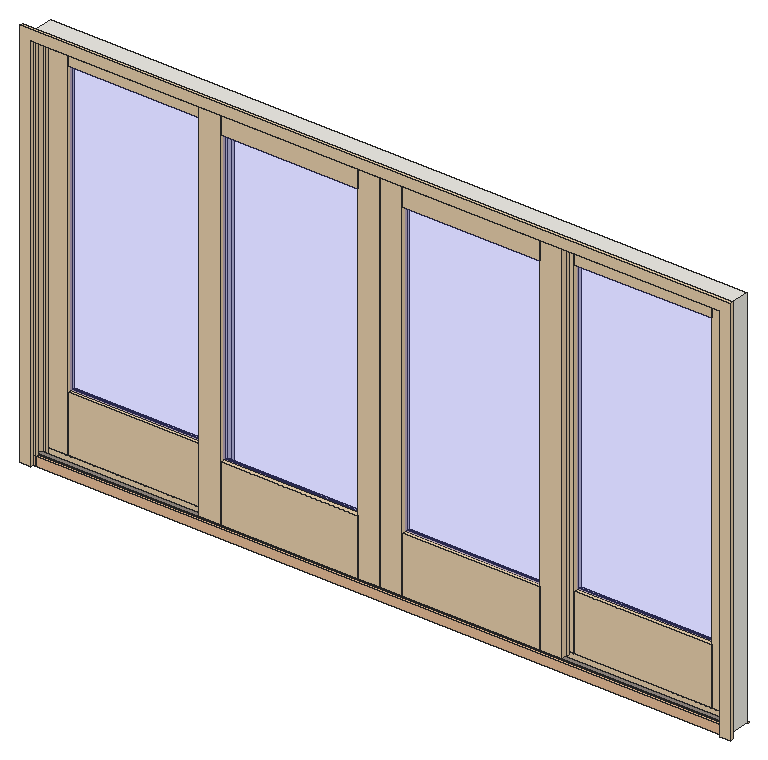
Revit family "Door-Gliding-Andersen-E_Series-Quad-no-Mullions", category Doors, host Wall, Revit 2019
Family settings
  Host = Wall
  OmniClass Number = 23.30.10.00
  OmniClass Title = Doors
  Always vertical = Yes
  Cut with Voids When Loaded = No
  Shared = No
  Room Calculation Point = No
Parameters (values of type "12'-4" x 6'-10"")
  Type Comments = "Aluminum-clad wood Gliding French Door"  # constant formula
  Rough Width = Width + (Rough Opening Offset * 2)  # 12' - 4 1/2"
  Rough Opening Offset = 0' - 0 1/4"
  Rough Height = if(1 > 0, Height + 0' 0 1/2", 0' 0")  # 6' - 10 1/2"
  Masonry Width = if(Enter Exterior Trim Number > 0, Width + ((casing4 + Masonry Opening Offset) * 2), Width + (Masonry Opening Offset * 2))  # 12' - 4 1/2"
  Masonry Opening Offset = 0' - 0 1/4"
  Masonry Height = if(Enter Exterior Trim Number > 0, Height + (casing4 + 0' 0 1/2"), Height + 0' 0 1/2")  # 6' - 10 1/2"
  Learn About These Parameters = "http://www.andersenwindows.com/for-professionals/cad-symbols-bim-support-window-doors/bim-support"
  LWide = if(or(Enter Pattern Number = 1, Enter Pattern Number = 2), . . Lights Wide, if(Enter Pattern Number = 6, . . .Lights Wide, 3))  # 3
  Grille Bar Sizes = "5/8'', 7/8'', 1 1/8'', 1 1/2'', 2 1/4''"  # constant formula
  Glazing Material = Glass ‐ Andersen - Low-E4 SmartSun
  Between Glass Grille Bar Sizes = "5/8'', 1''"  # constant formula
  Interior Trim Visibility = yes
  Grille Bar Size = 0' - 0 7/8"
  Enter Pattern Number = 1
  Analytic Construction = "<None>"
  ..Pattern Number 1 = "Traditional"  # constant formula
  ..Pattern Number 2 = "Traditional Top Light Only"  # constant formula
  . . Lights Wide = 3
  . . Top Light Lights High = 5
  . . Bottom Light Lights High = 1
  ..Pattern Number 3 = "Prairie Each Light"  # constant formula
  ..Pattern Number 4 = "Prairie Top Light Only"  # constant formula
  ..Pattern Number 5 = "Prairie Overall"  # constant formula
  ..Pattern Number 6 = "Craftsman"  # constant formula
  . . .Lights Wide = 3
  Extension Jamb Visibility = yes
  . . .Lights High = 1
  . . .Bottom Bar Location = 1' - 0"
  . . .Bottom Bar Size = 0' - 0 7/8"
  Enter Exterior Trim Number = 0
  ..Exterior Trim Number 0 = "No Exterior Trim"  # constant formula
  ..Exterior Trim Number 1 = "2'' Brick Mould (A753)"  # constant formula
  ..Exterior Trim Number 2 = "2'' Ovolo Brick Mould (A754)"  # constant formula
  ..Exterior Trim Number 3 = "3 1/2'' Brick Mould (A755)"  # constant formula
  ..Exterior Trim Number 4 = "3 1/2'' Backband & Bead Casing (A756)"  # constant formula
  ..Exterior Trim Number 5 = "3 1/2'' Flat Casing (A75B)"  # constant formula
  ..Exterior Trim Number 6 = "5 1/2'' Flat Casing (A758)"  # constant formula
  Interior Grille Bar Visibility = no
  Exterior Grille Bar Visibility = no
  Between Glass Grille Bar Visibility = no
  xjamb Visibility [instance] = and(Extension Jamb Visibility, Wall Depth > 0' 4 9/16")  # no
  xjamb S1 [instance] = if(Wall Depth < 0' 4 5/8", 0' 0 1/16", 0' 0")  # 0' - 0 1/16"
  casingS2 = if(Enter Exterior Trim Number = 3, 0' 0 7/8", 0' 0 3/8")  # 0' - 0 3/8"
  casingS1 = if(Enter Exterior Trim Number = 1, 0' 0 5/8", if(or(Enter Exterior Trim Number = 2, Enter Exterior Trim Number = 3), 0' 1 1/2", 0' 0 3/8"))  # 0' - 0 3/8"
  casing4 = if(or(Enter Exterior Trim Number = 1, Enter Exterior Trim Number = 2), 0' 1 5/8", if(Enter Exterior Trim Number = 6, 0' 5 1/8", 0' 3 1/8"))  # 0' - 3 1/8"
  casing3 = if(Enter Exterior Trim Number = 1, 0' 0 3/8", if(Enter Exterior Trim Number = 2, 0' 0 5/16", 0' 0 9/16"))  # 0' - 0 9/16"
  casing2 = if(Enter Exterior Trim Number = 1, 0' 0 7/8", if(Enter Exterior Trim Number = 2, 0' 1 9/16", 0' 1 7/16"))  # 0' - 1 7/16"
  casing1 = 0' - 0 1/4"  # constant formula
  Wall Thickness [instance] = 0' - 8"
  Wall Depth [instance] = 0' - 4 9/16"
  Void Offset 1 [instance] = if(Enter Exterior Trim Number > 0, casing4, 0' 0")  # 0' - 0"
  Void Depth [instance] = if(Wall Thickness > Wall Depth, 0' 1" + Wall Thickness - Wall Depth, 0' 1")  # 0' - 4 7/16"
  VGB DLO = if(or(Enter Pattern Number = 3, or(Enter Pattern Number = 4, Enter Pattern Number = 5)), 0' 4", (H DLO - (Grille Bar Size * (V Bars))) / if(LWide > 2, LWide, 3))  # 3' - 8 3/4"
  V Bars = if(LWide > 2, LWide - 1, 2)  # 2
  URL = "www.eaglewindow.com"
  TS V DLO = Height - HGO - SGO  # 5' - 10"
  TS V Bar Length = if(Enter Pattern Number = 6, . . .Bottom Bar Location - HGO - (. . .Bottom Bar Size / 2), TS V DLO)  # 5' - 10"
  TS SH DLO = if(Enter Pattern Number = 5, HGO + 0' 4" + (Grille Bar Size / 2), if(Enter Pattern Number = 6, . . .Bottom Bar Location, (TS V DLO / 2) + HGO))  # 3' - 5"
  TS S V = LWide = 2  # no
  TS S H Craftsman = and(Enter Pattern Number = 6, . . .Lights High = 2)  # no
  TS S H = and(. . Top Light Lights High = 2, or(or(or(Enter Pattern Number = 5, Enter Pattern Number = 6), Enter Pattern Number = 1), Enter Pattern Number = 2))  # no
  TS M V = or(or(or(or(or(and(LWide > 2, Enter Pattern Number = 1), and(LWide > 2, Enter Pattern Number = 2)), Enter Pattern Number = 3), Enter Pattern Number = 4), Enter Pattern Number = 5), and(LWide > 2, Enter Pattern Number = 6))  # yes
  TS M H = or(or(or(and(. . Top Light Lights High > 2, Enter Pattern Number = 1), and(. . Top Light Lights High > 2, Enter Pattern Number = 2), Enter Pattern Number = 3), Enter Pattern Number = 4), and(. . .Lights High > 2, Enter Pattern Number = 6))  # yes
  TS HGB DLO = if(or(Enter Pattern Number = 3, Enter Pattern Number = 4), 0' 4", if(and(Enter Pattern Number = 6, . . .Lights High > 2), (TS V Bar Length - (Grille Bar Size * (. . .Lights High - 1))) / . . .Lights High, if(. . Top Light Lights High > 2, (TS V Bar Length - (Grille Bar Size * (. . Top Light Lights High - 1))) / . . Top Light Lights High, 0' 4")))  # 1' - 1.3"
  TS H Bars = if(or(Enter Pattern Number = 3, Enter Pattern Number = 4), 2, if(and(Enter Pattern Number = 6, . . .Lights High > 2), . . .Lights High - 1, if(. . Top Light Lights High > 2, . . Top Light Lights High - 1, 2)))  # 4
  Sill Interior Offset [instance] = 0' - 0 5/128"  # constant formula
  Sill Height [instance] = 0' - 1 7/8"  # constant formula
  Panel Bottom Inset [instance] = 0' - 2 5/32"  # constant formula
  Sill Depth [instance] = 0' - 6 1/16"  # constant formula
  SGO = 0' - 6"  # constant formula
  Product Documentation Link = "www.eaglewindow.com/_Products/Ascent-Sliding-French-Doors.aspx"
  Panel Width = ((Width / 4) - 0' 1 3/4") + 0' 3 3/8"  # 3' - 2 5/8"
  Panel Type [instance] = Gliding_Panel : SP2
  Panel Height [instance] = CTRL Height - 0' 0 31/32" - Panel Bottom Inset  # 6' - 6 7/8"
  Nail Fin Visibility = Enter Exterior Trim Number = 0  # yes
  Model = "E-Series Gliding"  # constant formula
  Manufacturer = "Andersen Corporation"  # constant formula
  JGO = 0' - 6"  # constant formula
  Is Gliding = 1 = 1  # yes
  Interior Trim Size = 0' - 2 1/4"
  Interior Material = Wood - Andersen - Pine
  Horizontal Craftsman Bar Size = if(Enter Pattern Number = 6, . . .Bottom Bar Size, Grille Bar Size)  # 0' - 0 7/8"
  HGO = 0' - 6"  # constant formula
  H DLO = Width - (JGO * 2)  # 11' - 4"
  Function = Exterior
  Height = 6' - 10"
  Wall Closure = By host
  Width = 12' - 4"
  Frame Interior Inset [instance] = 0' - 0"  # constant formula
  Frame Depth [instance] = 0' - 5 29/32"  # constant formula
  Family Version = "06.01.14"  # constant formula
  Exterior Trim Finish = Aluminum - Andersen - Painted - White
  Exterior Panel Finish = Aluminum - Andersen - Painted - White
  Exterior Grille Bar Finish = Aluminum - Andersen - Painted - White
  Exterior Frame Finish = Aluminum - Andersen - Painted - White
  Designation = "4PGP120610"
  Description = "Aluminum-clad wood Gliding French Door"  # constant formula
  Coarse Plan [instance] = if(Wall Depth > Wall Thickness, Wall Thickness, Wall Depth)  # 0' - 4 9/16"
  Casing Visibility [instance] = Enter Exterior Trim Number > 0  # no
  CTRL Height [instance] = Height  # 6' - 10"
  Between Glass Grille Bar Finish = Stainless Steel - Andersen - Standard
  BS V DLO = Height - HGO - SGO  # 5' - 10"
  BS SH DLO = if(Enter Pattern Number = 5, SGO + 0' 4" + (Grille Bar Size / 2), (BS V DLO / 2) + SGO)  # 3' - 5"
  BS S V = and(LWide = 2, Enter Pattern Number = 1)  # no
  BS S H = or(and(. . Bottom Light Lights High = 2, Enter Pattern Number = 1), Enter Pattern Number = 5)  # no
  BS M V = or(or(and(LWide > 2, Enter Pattern Number = 1), Enter Pattern Number = 3), Enter Pattern Number = 5)  # yes
  BS M H = or(and(. . Bottom Light Lights High > 2, Enter Pattern Number = 1), Enter Pattern Number = 3)  # no
  BS HGB DLO = if(. . Bottom Light Lights High > 2, if(Enter Pattern Number = 3, 0' 4", (BS V DLO - (Grille Bar Size * (. . Bottom Light Lights High - 1))) / . . Bottom Light Lights High), 0' 2")  # 0' - 2"
  BS H Bars = if(. . Bottom Light Lights High > 2, . . Bottom Light Lights High - 1, 2)  # 2
Reference planes (in)
  plane 1 "Center (Front/Back)": y = 0
  plane 2 "Center (Left/Right)": x = 0
  plane 3 "R Frame": x = -74
  plane 4 "L Frame": x = 74
  plane 5 "T Frame": z = 82
  plane 6 "Wall S1": y = 3.71875
  plane 7 "Wall S2": y = -4.28125
  plane 8 "Interior Casing": y = -4.90625
  plane 9 "Frame S2": y = -4.28125
  plane 10 "Flange": y = 0.28125
  plane 11 "Frame S1": y = 1.625
  plane 12 "Casing S2": y = 2
  plane 13 "Casing S1": y = 2
  plane 14 "Exterior Offset": y = 4.71875
  plane 15 "Coarse Detail Plan": y = 1.5625
  plane 16 "R Rough Opening": x = -74.25
  plane 17 "R Casing 1": x = -73.75
  plane 18 "R Casing 2": x = -75.6875
  plane 19 "R Casing 3": x = -76.5625
  plane 20 "R Casing 4": x = -77.125
  plane 21 "R Masonry Opening": x = -74.25
  plane 22 "L Masonry Opening": x = 74.25
  plane 23 "L Casing 4": x = 77.125
  plane 24 "L Casing 3": x = 76.5625
  plane 25 "L Casing 2": x = 75.6875
  plane 26 "L Casing 1": x = 73.75
  plane 27 "L Rough Opening": x = 74.25
  plane 28 "T Rough Opening": z = 82.5
  plane 29 "T Casing 1": z = 81.75
  plane 30 "T Casing 2": z = 83.6875
  plane 31 "T Casing 3": z = 84.5625
  plane 32 "T Casing 4": z = 85.125
  plane 33 "T Masonry Opening": z = 82.5
  plane 34 "R Int Casing": x = -75.5
  plane 35 "R Xjamb 2": x = -73.875
  plane 36 "R Xjamb 1": x = -73.25
  plane 37 "L Int Casing": x = 75.5
  plane 38 "L Xjamb 2": x = 73.875
  plane 39 "L Xjamb 1": x = 73.25
  plane 40 "T Int Casing": z = 83.25
  plane 41 "T Xjamb 2": z = 81.875
  plane 42 "T Xjamb 1": z = 81
  plane 43 "L Panel": x = 73.1872
  plane 44 "R Panel": x = -73.1875
  plane 45 "T Panel": z = 81.0312
  plane 46 "B Panel": z = 2.1562
  plane 47 "B Glazing": z = 10.1562
  plane 48 "T Glazing": z = 76.3437
  plane 49 "L Glazing": x = 68.4997
  plane 50 "R Glazing": x = -68.5
  plane 51 "Panel1 S1": y = -1.88625
  plane 52 "Panel1 S2": y = -3.63625
  plane 53 "Xjamb S1": y = -4.21875
  plane 54 "Frame S2 Ext": y = 1.625
  plane 55 "Stop Exterior": y = -1.20413
  plane 56 "Stop Interior": y = -1.71975
  plane 57 "Sill Interior": y = -4.32031
  plane 58 "Sill Exterior": y = 1.74219
  plane 59 "L Stop": x = 72.5
  plane 60 "R Stop": x = -72.5
  plane 61 "T Stop": z = 80.5
  plane 62 "Sill Height": z = 1.875
  plane 63 "Panel2 S1": y = 0.625
  plane 64 "Panel2 S2": y = -1.1355
  plane 65 "R Panel Width": x = -34.5625
  plane 66 "L Panel Width": x = 34.5622
Forms (in)
  Extrusion 1, void
    sketch origin (0, 0, 0) x (1, 0, 0) y (0, 0, 1)
      loop
        line (74, 82) -> (-74, 82) -> (-74, 0) -> (74, 0) -> (74, 82)
    from -0.28125 to 4.28125
  Extrusion 2, void
    sketch origin (0, 0, 0) x (1, 0, 0) y (0, 0, 1)
      loop
        line (74, 82) -> (-74, 82) -> (-74, 0) -> (74, 0) -> (74, 82)
    from -15.71875 to -0.28125
  Sweep 3, solid, material "Aluminum - Andersen - Painted - White" <- "Exterior Trim Finish", visible <- "Casing Visibility", detail levels medium+fine
    path origin (0, 0.28125, 0) x (-1, 0, 0) y (0, 0, 1)
      loop
        line (-77.125, 0) -> (-77.125, 85.125) -> (77.125, 85.125) -> (77.125, 0)
    profile origin (77.125, 0.28125, 42.5625) x (1, 0, 0) y (0, 1, 0)
      loop
        line (-1.4375, 1.71875) -> (-3.375, 1.71875) -> (-3.375, 0) -> (0, 0) -> (0, 1.71875) -> (-0.5625, 1.71875) -> (-1.4375, 1.71875)
  Extrusion 4, solid, material "Aluminum - Andersen - Painted - White" <- "Exterior Trim Finish", visible <- "Casing Visibility", detail levels coarse
    sketch origin (0, 0.28125, 0) x (-1, 0, 0) y (0, 0, 1)
      loop
        line (-73.75, 81.75) -> (73.75, 81.75) -> (73.75, 0) -> (77.125, 0) -> (77.125, 85.125) -> (-77.125, 85.125) -> (-77.125, 0) -> (-73.75, 0) -> (-73.75, 81.75)
    from 0 to 1.71875
  Extrusion 5, solid, material "Wood - Andersen - Pine" <- "Interior Material", visible <- "Interior Trim Visibility", detail levels fine
    sketch origin (0, 0, 0) x (1, 0, 0) y (0, 0, 1)
      loop
        line (-73.25, 81) -> (73.25, 81) -> (73.25, 0) -> (75.5, 0) -> (75.5, 83.25) -> (-75.5, 83.25) -> (-75.5, 0) -> (-73.25, 0) -> (-73.25, 81)
    from 4.28125 to 4.90625
  Extrusion 6, solid, material "Wood - Andersen - Pine" <- "Interior Material", visible <- "xjamb Visibility", detail levels medium+fine
    sketch origin (0, 0, 0) x (1, 0, 0) y (0, 0, 1)
      loop
        line (-73.875, 0) -> (-73.25, 0) -> (-73.25, 81) -> (73.25, 81) -> (73.25, 0) -> (73.875, 0) -> (73.875, 81.875) -> (-73.875, 81.875) -> (-73.875, 0)
    from 4.21875 to 4.28125
  Sweep 7, solid, material "Aluminum - Andersen - Painted - White" <- "Exterior Frame Finish", detail levels medium+fine
    path origin (0, 0.28125, 0) x (-1, 0, 0) y (0, 0, 1)
      loop
        line (-74, 0) -> (-74, 82) -> (74, 82) -> (74, 0)
    profile origin (74, 0.28125, 41) x (1, 0, 0) y (0, 1, 0)
      loop
        line (0, -4.5625) -> (0, 1.13341) -> (-0.41612, 1.34375) -> (-1.5, 1.34375) -> (-1.5, 0.35575) -> (-0.75, 0.35575) -> (-0.75, -1.48538) -> (-1.375, -1.48538) -> (-1.375, -2.001) -> (-0.75, -2.001) -> (-0.75, -4.0625) -> (-1.313, -4.0625) -> (-1.313, -4.5625) -> (0, -4.5625)
  Sweep 8, solid, material "Aluminum - Andersen - Painted - White" <- "Exterior Frame Finish", detail levels coarse
    path origin (-0.30351, 0.28125, 0) x (-1, 0, 0) y (0, 0, 1)
      loop
        line (-74.30351, 0) -> (-74.30351, 82) -> (73.69649, 82) -> (73.69649, 0)
    profile origin (74, 0.28125, 41) x (1, 0, 0) y (0, 1, 0)
      loop
        line (-0.75, -4.5625) -> (0, -4.5625) -> (0, 1.34375) -> (-0.75, 1.34375) -> (-0.75, -4.5625)
  Sweep 9, solid, material "Fiberglass - Andersen - Terratone", detail levels medium+fine
    path origin (0, 0.28125, 0) x (-1, 0, 0) y (0, 0, 1)
      loop
        line (-74, 0) -> (74, 0)
    profile origin (0, 0.28125, 0) x (0, 0, 1) y (0, 1, 0)
      loop
        line (0, -4.60156) -> (1.875, -4.60156) -> (1.875, -3.94709) -> (2.00898, -3.94709) -> (1.91719, -2.63442) -> (0.63229, -2.63442) -> (0.54751, -1.41675) -> (0.42251, -1.41675) -> (0.29543, 0.40833) -> (0.15625, 0.40833) -> (0.09649, 1.46094) -> (0, 1.46094) -> (0, -4.60156)
  Sweep 10, solid, material "Fiberglass - Andersen - Terratone", detail levels coarse
    path origin (0, 0.28125, 0) x (-1, 0, 0) y (0, 0, 1)
      loop
        line (-73.25, 2.1562) -> (73.25, 2.1562)
    profile origin (0, 0.28125, 2.1562) x (0, 0, 1) y (0, 1, 0)
      loop
        line (0, 1.46094) -> (-2.1562, 1.46094) -> (-2.1562, -4.60156) -> (0, -4.60156) -> (0, 1.46094)
  Sweep 11, void
    path origin (0, 0.28125, 0) x (-1, 0, 0) y (0, 0, 1)
      loop
        line (0, 0) -> (0, 2.1562)
    profile origin (0, 0.28125, 1.0781) x (1, 0, 0) y (0, 1, 0)
      loop
        line (72.687, -4.0625) -> (72.687, -4.5625) -> (74, -4.5625) -> (74, 1.34375) -> (72.5, 1.34375) -> (72.5, 0.35575) -> (73.25, 0.35575) -> (73.25, -1.48538) -> (72.625, -1.48538) -> (72.625, -2.001) -> (73.25, -2.001) -> (73.25, -4.0625) -> (72.687, -4.0625)
      loop
        line (-72.687, -4.0625) -> (-73.25, -4.0625) -> (-73.25, -2.001) -> (-72.625, -2.001) -> (-72.625, -1.48538) -> (-73.25, -1.48538) -> (-73.25, 0.35575) -> (-72.5, 0.35575) -> (-72.5, 1.34375) -> (-74, 1.34375) -> (-74, -4.5625) -> (-72.687, -4.5625) -> (-72.687, -4.0625)
  Sweep 12, solid, material "Aluminum - Andersen - Painted - White" <- "Exterior Frame Finish", detail levels medium+fine
    path origin (0.97958, 0.28125, -3.29495) x (-1, 0, 0) y (0, 0, 1)
      loop
        line (35.54208, 5.45115) -> (74.16708, 5.45115)
    profile origin (-53.875, 0.28125, 2.1562) x (0, 0, 1) y (0, 1, 0)
      loop
        line (-1.73369, -1.41675) -> (0, -1.41675) -> (0, 0.34375) -> (-1.85627, 0.34375) -> (-1.73369, -1.41675)
  Sweep 13, solid, material "Aluminum - Andersen - Painted - White" <- "Exterior Frame Finish", detail levels medium+fine
    path origin (-0.98038, 0.28125, -3.29495) x (1, 0, 0) y (0, 0, 1)
      loop
        line (35.54258, 5.45115) -> (74.16758, 5.45115)
    profile origin (53.8747, 0.28125, 2.1562) x (0, 0, -1) y (0, 1, 0)
      loop
        line (1.73369, -1.41675) -> (1.85627, 0.34375) -> (0, 0.34375) -> (0, -1.41675) -> (1.73369, -1.41675)
Cuts and joins
  Sweep 11 cuts Sweep 9
Lines and regions (in)
  Masking region 1, visible <- "Casing Visibility"
    outline origin (0, 0, 0) x (0, 1, 0) y (0, 0, 1)
      loop
        line (0.28125, 82) -> (1.625, 82) -> (1.625, 0) -> (2, 0) -> (2, 85.125) -> (0.28125, 85.125) -> (0.28125, 82)
  Masking region 2
    outline origin (0, 0, 0) x (1, 0, 0) y (0, 1, 0)
      loop
        line (-74, 1.74219) -> (-74, -4.32031) -> (74, -4.32031) -> (74, 1.74219) -> (-74, 1.74219)
  Masking region 3
    outline origin (0, 0, 0) x (0, 1, 0) y (0, 0, 1)
      loop
        line (1.625, 82) -> (-4.28125, 82) -> (-4.28125, 0) -> (1.625, 0) -> (1.625, 82)
  Masking region 4, visible <- "Casing Visibility", detail levels fine
    outline origin (0, 0, 0) x (1, 0, 0) y (0, 1, 0)
      loop
        line (-76.5625, 2) -> (-77.125, 2) -> (-77.125, 0.28125) -> (-74, 0.28125) -> (-74, 1.625) -> (-73.75, 1.625) -> (-73.75, 2) -> (-75.6875, 2) -> (-76.5625, 2)
  Masking region 5, visible <- "Casing Visibility", detail levels fine
    outline origin (0, 0, 0) x (1, 0, 0) y (0, 1, 0)
      loop
        line (76.5625, 2) -> (75.6875, 2) -> (73.75, 2) -> (73.75, 1.625) -> (74, 1.625) -> (74, 0.28125) -> (77.125, 0.28125) -> (77.125, 2) -> (76.5625, 2)
  Masking region 6, visible <- "Casing Visibility", detail levels coarse+medium
    outline origin (0, 0, 0) x (1, 0, 0) y (0, 1, 0)
      loop
        line (-77.125, 2) -> (-77.125, 0.28125) -> (-74, 0.28125) -> (-74, 2) -> (-77.125, 2)
  Masking region 7, visible <- "Casing Visibility", detail levels coarse+medium
    outline origin (0, 0, 0) x (1, 0, 0) y (0, 1, 0)
      loop
        line (74, 2) -> (74, 0.28125) -> (77.125, 0.28125) -> (77.125, 2) -> (74, 2)
  Masking region 8, visible <- "Casing Visibility"
    outline origin (0, 1.74219, 0) x (-1, 0, 0) y (0, 0, 1)
      loop
        line (-77.125, 85.125) -> (-77.125, 0) -> (-74, 0) -> (-74, 82) -> (74, 82) -> (74, 0) -> (77.125, 0) -> (77.125, 85.125) -> (-77.125, 85.125)
  Masking region 9, visible <- "Interior Trim Visibility", detail levels fine
    outline origin (0, -4.90625, 0) x (-1, 0, 0) y (0, 0, 1)
      loop
        line (-75.5, 83.25) -> (-75.5, 0) -> (-73.25, 0) -> (-73.25, 81) -> (73.25, 81) -> (73.25, 0) -> (75.5, 0) -> (75.5, 83.25) -> (-75.5, 83.25)
  Masking region 10
    outline origin (0, -4.32031, 0) x (-1, 0, 0) y (0, 0, 1)
      loop
        line (-74, 82) -> (-74, 0) -> (74, 0) -> (74, 82) -> (-74, 82)
      loop
        line (-72.5, 80.5) -> (-72.5, 2.1562) -> (72.5, 2.1562) -> (72.5, 80.5) -> (-72.5, 80.5)
  Split face 1
    outline origin (-34.5625, 0.28125, 2.1562) x (0, 0, -1) y (0, 1, 0)
      loop
        line (0, -0.03125) -> (1.83234, -0.03125)
  Masking region 11
    outline origin (0, 1.74219, 0) x (-1, 0, 0) y (0, 0, 1)
      loop
        line (74, 82) -> (-74, 82) -> (-74, 0) -> (74, 0) -> (74, 82)
      loop
        line (72.5, 80.5) -> (-72.5, 80.5) -> (-72.5, 2.1562) -> (72.5, 2.1562) -> (72.5, 80.5)
  Split face 2
    outline origin (34.5622, 0.28125, 2.1562) x (0, 0, 1) y (0, 1, 0)
      loop
        line (0, -0.03125) -> (-1.83234, -0.03125)
  Split face 3
    outline origin (73.25, 1.74219, 2.1562) x (-1, 0, 0) y (0, -1, 0)
      loop
        line (0, 5.37844) -> (146.5, 5.37844)
  Split face 4
    outline origin (73.25, 0.28125, 2.1562) x (0, 0, -1) y (0, 1, 0)
      loop
        line (0, -3.9175) -> (2.1562, -3.9175)
  Split face 5
    outline origin (-73.25, 0.28125, 2.1562) x (0, 1, 0) y (0, 0, -1)
      loop
        line (-3.9175, 0) -> (-3.9175, 2.1562)
  Split face 6
    outline origin (73.25, -4.32031, 0) x (0, 1, 0) y (-1, 0, 0)
      loop
        line (0.68406, 146.5) -> (0.68406, 0)
  Split face 7
    outline origin (73.25, -4.28125, 0) x (0, 0, 1) y (0, 1, 0)
      loop
        line (0, 3.14575) -> (81.25, 3.14575)
  Split face 8
    outline origin (-73.25, -4.28125, 81.25) x (0, 0, -1) y (0, 1, 0)
      loop
        line (81.25, 3.14575) -> (0, 3.14575)
  Split face 9
    outline origin (73.25, -4.28125, 81.25) x (0, 1, 0) y (-1, 0, 0)
      loop
        line (3.14575, 0) -> (3.14575, 38.6878) -> (0.645, 38.6878) -> (0.645, 107.8125) -> (3.14575, 107.8125) -> (3.14575, 146.5)
  Split face 10
    outline origin (-74, 1.625, 82) x (0, 0, -1) y (0, -1, 0)
      loop
        line (82, 2.7605) -> (0, 2.7605)
  Split face 11
    outline origin (74, 1.625, 82) x (-1, 0, 0) y (0, -1, 0)
      loop
        line (148, 2.7605) -> (0, 2.7605)
  Split face 12
    outline origin (74, 1.625, 0) x (0, 0, 1) y (0, -1, 0)
      loop
        line (82, 2.7605) -> (0, 2.7605)
  Split face 13
    outline origin (-74, 1.41466, 82) x (0, 0, -1) y (0, -1, 0)
      loop
        line (82, 2.55016) -> (0, 2.55016)
  Split face 14
    outline origin (74, 1.41466, 82) x (-1, 0, 0) y (0, -1, 0)
      loop
        line (148, 2.55016) -> (0, 2.55016)
  Split face 15
    outline origin (74, 1.41466, 0) x (0, 0, 1) y (0, -1, 0)
      loop
        line (82, 2.55016) -> (0, 2.55016)
  Masking region 12, visible <- "xjamb Visibility", detail levels medium+fine
    outline origin (0, 0, 0) x (1, 0, 0) y (0, 1, 0)
      loop
        line (-73.875, -4.21875) -> (-73.875, -4.28125) -> (-73.25, -4.28125) -> (-73.25, -4.21875) -> (-73.875, -4.21875)
  Masking region 13, visible <- "Interior Trim Visibility", detail levels fine
    outline origin (0, 0, 0) x (1, 0, 0) y (0, 1, 0)
      loop
        line (-75.5, -4.28125) -> (-75.5, -4.90625) -> (-73.25, -4.90625) -> (-73.25, -4.28125) -> (-75.5, -4.28125)
  Masking region 14, visible <- "xjamb Visibility", detail levels medium+fine
    outline origin (0, 0, 0) x (1, 0, 0) y (0, 1, 0)
      loop
        line (73.25, -4.21875) -> (73.25, -4.28125) -> (73.875, -4.28125) -> (73.875, -4.21875) -> (73.25, -4.21875)
  Masking region 15, visible <- "Interior Trim Visibility", detail levels fine
    outline origin (0, 0, 0) x (1, 0, 0) y (0, 1, 0)
      loop
        line (73.25, -4.28125) -> (73.25, -4.90625) -> (75.5, -4.90625) -> (75.5, -4.28125) -> (73.25, -4.28125)
  Masking region 16, visible <- "xjamb Visibility", detail levels medium+fine
    outline origin (0, 0, 0) x (0, 1, 0) y (0, 0, 1)
      loop
        line (-4.21875, 81.875) -> (-4.28125, 81.875) -> (-4.28125, 0) -> (-4.21875, 0) -> (-4.21875, 81.875)
  Masking region 17, visible <- "Interior Trim Visibility", detail levels fine
    outline origin (0, 0, 0) x (0, 1, 0) y (0, 0, 1)
      loop
        line (-4.28125, 83.25) -> (-4.90625, 83.25) -> (-4.90625, 0) -> (-4.28125, 0) -> (-4.28125, 83.25)
  symbolic lines, style "DoorsFrameMullionProjection", visible <- "Casing Visibility", detail levels medium+fine
    curve 1: line (0, 2, 84.5625) -> (0, 2, 83.6875)
    curve 2: line (0, 2, 83.6875) -> (0, 2, 81.75)
    curve 3: line (0, 2, 81.75) -> (0, 1.625, 81.75)
    curve 5: line (75.625, 0.28125, 2.1562) -> (78.75, 0.28125, 2.1562)
    curve 6: line (-75.625, 0.28125, 2.1562) -> (-78.75, 0.28125, 2.1562)
    curve 117: line (0, 0.28125, 86.75) -> (0, 0.28125, 85.125)
  symbolic lines, style "DoorsFrameMullionProjection", detail levels coarse
    curve 4: line (0, 1.625, 82) -> (0, 2, 82)
    curve 7: line (73.25, 1.625, 2.1562) -> (73.25, -4.28125, 2.1562)
    curve 8: line (0, 1.74219, 0) -> (0, 1.74219, 2.1562)
    curve 9: line (0, 1.74219, 2.1562) -> (0, -4.32031, 2.1562)
    curve 10: line (0, -4.32031, 2.1562) -> (0, -4.32031, 0)
    curve 11: line (0, -4.21875, 81) -> (0, 1.625, 81)
    curve 33: line (-74, 1.625, 2.1562) -> (-73.25, 1.625, 2.1562)
    curve 96: line (-73.25, 1.625, 2.1562) -> (-73.25, -4.28125, 2.1562)
    curve 121: line (73.25, 1.625, 2.1562) -> (74, 1.625, 2.1562)
  symbolic lines, style "DoorsFrameMullionProjection", detail levels medium+fine
    curve 12: line (-73.625, -4.28125, 2.1562) -> (-74, -4.28125, 2.1562)
    curve 15: line (-72.5, 1.625, 0.8125) -> (-72.5, 0.637, 0.8125)
    curve 16: line (-72.5, 0.637, 0.8125) -> (-73.25, 0.637, 0.8125)
    curve 17: line (-73.25, 0.637, 0.8125) -> (-73.25, -1.20413, 0.8125)
    curve 18: line (-73.25, -1.20413, 0.8125) -> (-72.625, -1.20413, 0.8125)
    curve 19: line (-72.625, -1.20413, 0.8125) -> (-72.625, -1.71975, 0.8125)
    curve 20: line (-72.687, -4.28125, 0.8125) -> (-74, -4.28125, 0.8125)
    curve 21: line (-74, -4.28125, 0.8125) -> (-74, 1.41466, 0.8125)
    curve 22: line (-73.58388, 1.625, 0.8125) -> (-72.5, 1.625, 0.8125)
    curve 23: line (0, -1.20413, 80.625) -> (0, -1.71975, 80.625)
    curve 24: line (0, -1.20413, 81.25) -> (0, -1.20413, 80.625)
    curve 25: line (0, -1.20413, 81.25) -> (0, 1.01512, 81.25)
    curve 26: line (0, 1.01512, 81.25) -> (0, 1.01512, 80.5)
    curve 27: line (0, 1.01512, 80.5) -> (0, 1.625, 80.5)
    curve 28: line (0, 1.625, 80.5) -> (0, 1.625, 81.58388)
    curve 29: line (0, -4.28125, 80.687) -> (0, -4.28125, 82)
    curve 30: line (0, -4.28125, 82) -> (0, 1.41466, 82)
    curve 42: line (-73.25, -1.71975, 0.8125) -> (-72.625, -1.71975, 0.8125)
    curve 43: line (-73.25, -1.71975, 0.8125) -> (-73.25, -3.78125, 0.8125)
    curve 44: line (-73.25, -3.78125, 0.8125) -> (-72.687, -3.78125, 0.8125)
    curve 45: line (-72.687, -3.78125, 0.8125) -> (-72.687, -4.28125, 0.8125)
    curve 46: line (-74, 1.41466, 0.8125) -> (-73.58388, 1.625, 0.8125)
    curve 52: line (72.5, 1.625, 0.8125) -> (72.5, 0.637, 0.8125)
    curve 53: line (72.5, 0.637, 0.8125) -> (73.25, 0.637, 0.8125)
    curve 54: line (73.25, 0.637, 0.8125) -> (73.25, -1.20413, 0.8125)
    curve 55: line (73.25, -1.20413, 0.8125) -> (72.625, -1.20413, 0.8125)
    curve 56: line (72.625, -1.20413, 0.8125) -> (72.625, -1.71975, 0.8125)
    curve 57: line (72.687, -4.28125, 0.8125) -> (74, -4.28125, 0.8125)
    curve 58: line (74, -4.28125, 0.8125) -> (74, 1.41466, 0.8125)
    curve 59: line (73.58388, 1.625, 0.8125) -> (72.5, 1.625, 0.8125)
    curve 60: line (73.25, -1.71975, 0.8125) -> (72.625, -1.71975, 0.8125)
    curve 61: line (73.25, -1.71975, 0.8125) -> (73.25, -3.78125, 0.8125)
    curve 62: line (73.25, -3.78125, 0.8125) -> (72.687, -3.78125, 0.8125)
    curve 63: line (72.687, -3.78125, 0.8125) -> (72.687, -4.28125, 0.8125)
    curve 64: line (74, 1.41466, 0.8125) -> (73.58388, 1.625, 0.8125)
    curve 65: line (0, 0.68958, 0.15625) -> (0, 1.74219, 0.09649)
    curve 66: line (0, 1.74219, 0.09649) -> (0, 1.74219, 0)
    curve 67: line (0, -4.32031, 0) -> (0, -4.32031, 1.875)
    curve 68: line (0, -4.32031, 1.875) -> (0, -3.66584, 1.875)
    curve 69: line (0, -3.66584, 2.00898) -> (0, -2.35317, 1.91719)
    curve 70: line (0, -2.35317, 1.91719) -> (0, -2.35317, 0.63229)
    curve 71: line (0, -1.1355, 0.42251) -> (0, 0.68958, 0.29543)
    curve 72: line (0, -2.35317, 0.63229) -> (0, -1.1355, 0.54751)
    curve 73: line (0, 0.68958, 0.29543) -> (0, 0.68958, 0.15625)
    curve 74: line (0, -3.66584, 1.875) -> (0, -3.66584, 2.00898)
    curve 83: line (0, -1.71975, 81.25) -> (0, -1.71975, 80.625)
    curve 84: line (0, -1.71975, 81.25) -> (0, -3.78125, 81.25)
    curve 85: line (0, -3.78125, 81.25) -> (0, -3.78125, 80.687)
    curve 86: line (0, -3.78125, 80.687) -> (0, -4.28125, 80.687)
    curve 87: line (0, 1.41466, 82) -> (0, 1.625, 81.58388)
    curve 93: line (0, 0.625, 2.1562) -> (0, 0.625, 0.29993)
    curve 94: line (0, -1.1355, 2.1562) -> (0, -1.1355, 0.42251)
    curve 95: line (0, -1.1355, 2.1562) -> (0, 0.625, 2.1562)
    curve 118: line (73.25, -4.32031, 2.1562) -> (-73.25, -4.32031, 2.1562)
    curve 119: line (-34.5625, 1.74219, 0.29543) -> (-34.5625, 1.74219, 2.1562)
    curve 120: line (34.5622, 1.74219, 0.29543) -> (34.5622, 1.74219, 2.1562)
    curve 122: line (-35.8125, -1.1355, 0) -> (-35.8125, -1.88625, 0)
    curve 123: line (-34.8125, -1.1355, 0) -> (-34.8125, -1.88625, 0)
    curve 124: line (34.8122, -1.1355, 0) -> (34.8122, -1.88625, 0)
    curve 125: line (35.8122, -1.1355, 0) -> (35.8122, -1.88625, 0)
  symbolic lines, style "DoorsFrameMullionProjection", not visible, detail levels fine
    curve 13: line (0, 1.74219, 0) -> (0, -4.32031, 0)
  symbolic lines, style "DoorsFrameMullionProjection", detail levels fine
    curve 14: line (0, 1.74219, 0) -> (0, -4.32031, 0)
  symbolic lines, style "DoorsFrameMullionProjection"
    curve 31: line (72.5, 1.74219, 2.1562) -> (72.5, 1.74219, 0)
    curve 32: line (-72.5, 1.74219, 2.1562) -> (-72.5, 1.74219, 0)
    curve 129: line (-74, 1.625, 0) -> (-74, -4.28125, 0)
    curve 131: line (74, 1.625, 0) -> (74, -4.28125, 0)
    curve 132: line (0, 2, 85.125) -> (0, 0.28125, 85.125)
    curve 133: line (0, 1.625, 82) -> (0, -4.28125, 82)
  symbolic lines, style "DoorsFrameMullionProjection", not visible, detail levels medium+fine
    curve 34: line (-16.75, 3.77622, 0.8125) -> (-16.75, 2.78822, 0.8125)
    curve 35: line (-16.75, 2.78822, 0.8125) -> (-17.5, 2.78822, 0.8125)
    curve 36: line (-17.5, 2.78822, 0.8125) -> (-17.5, 0.94709, 0.8125)
    curve 37: line (-17.5, 0.94709, 0.8125) -> (-16.875, 0.94709, 0.8125)
    curve 38: line (-16.875, 0.94709, 0.8125) -> (-16.875, 0.43147, 0.8125)
    curve 39: line (-16.937, -2.13003, 0.8125) -> (-18.25, -2.13003, 0.8125)
    curve 40: line (-18.25, -2.13003, 0.8125) -> (-18.25, 3.56588, 0.8125)
    curve 41: line (-17.83388, 3.77622, 0.8125) -> (-16.75, 3.77622, 0.8125)
    curve 47: line (-17.5, 0.43147, 0.8125) -> (-16.875, 0.43147, 0.8125)
    curve 48: line (-17.5, 0.43147, 0.8125) -> (-17.5, -1.63003, 0.8125)
    curve 49: line (-17.5, -1.63003, 0.8125) -> (-16.937, -1.63003, 0.8125)
    curve 50: line (-16.937, -1.63003, 0.8125) -> (-16.937, -2.13003, 0.8125)
    curve 51: line (-18.25, 3.56588, 0.8125) -> (-17.83388, 3.77622, 0.8125)
    curve 75: line (0, -0.20413, 78.625) -> (0, -0.71975, 78.625)
    curve 76: line (0, -0.20413, 79.25) -> (0, -0.20413, 78.625)
    curve 77: line (0, -0.20413, 79.25) -> (0, 2.01512, 79.25)
    curve 78: line (0, 2.01512, 79.25) -> (0, 2.01512, 78.5)
    curve 79: line (0, 2.01512, 78.5) -> (0, 2.625, 78.5)
    curve 80: line (0, 2.625, 78.5) -> (0, 2.625, 79.58388)
    curve 81: line (0, -3.28125, 78.687) -> (0, -3.28125, 80)
    curve 82: line (0, -3.28125, 80) -> (0, 2.41466, 80)
    curve 88: line (0, -0.71975, 79.25) -> (0, -0.71975, 78.625)
    curve 89: line (0, -0.71975, 79.25) -> (0, -2.78125, 79.25)
    curve 90: line (0, -2.78125, 79.25) -> (0, -2.78125, 78.687)
    curve 91: line (0, -2.78125, 78.687) -> (0, -3.28125, 78.687)
    curve 92: line (0, 2.41466, 80) -> (0, 2.625, 79.58388)
    curve 101: line (0, 1.68958, 0.15625) -> (0, 2.74219, 0.09649)
    curve 102: line (0, 2.74219, 0.09649) -> (0, 2.74219, 0)
    curve 103: line (0, -3.32031, 0) -> (0, -3.32031, 1.875)
    curve 104: line (0, -3.32031, 1.875) -> (0, -2.66584, 1.875)
    curve 105: line (0, -2.66584, 2.00898) -> (0, -1.35317, 1.91719)
    curve 106: line (0, -1.35317, 1.91719) -> (0, -1.35317, 0.63229)
    curve 107: line (0, -0.1355, 0.42251) -> (0, 1.68958, 0.29543)
    curve 108: line (0, -1.35317, 0.63229) -> (0, -0.1355, 0.54751)
    curve 109: line (0, 1.68958, 0.29543) -> (0, 1.68958, 0.15625)
    curve 110: line (0, -2.66584, 1.875) -> (0, -2.66584, 2.00898)
    curve 111: line (0, 1.625, 2.1562) -> (0, 1.625, 0.29993)
    curve 112: line (0, -0.1355, 2.1562) -> (0, -0.1355, 0.42251)
    curve 113: line (0, -0.1355, 2.1562) -> (0, 1.625, 2.1562)
  symbolic lines, style "DoorsFrameMullionProjection", not visible, detail levels coarse
    curve 97: line (-17.5, 3.77622, 2.1562) -> (-17.5, -2.13003, 2.1562)
    curve 98: line (0, 2.74219, 0) -> (0, 2.74219, 2.1562)
    curve 99: line (0, 2.74219, 2.1562) -> (0, -3.32031, 2.1562)
    curve 100: line (0, -3.32031, 2.1562) -> (0, -3.32031, 0)
  symbolic lines, style "DoorsFrameMullionProjection", visible <- "Nail Fin Visibility", detail levels medium+fine
    curve 114: line (74, 0.28125, 2.1562) -> (75.625, 0.28125, 2.1562)
    curve 115: line (-74, 0.28125, 2.1562) -> (-75.625, 0.28125, 2.1562)
    curve 116: line (0, 0.28125, 83.5) -> (0, 0.28125, 82)
  symbolic lines, style "DoorsFrameMullionProjection", visible <- "xjamb Visibility", detail levels medium+fine
    curve 126: line (0, -4.21875, 81) -> (0, -4.28125, 81)
  symbolic lines, style "DoorsFrameMullionProjection", visible <- "Interior Trim Visibility", detail levels fine
    curve 127: line (0, -4.28125, 81) -> (0, -4.90625, 81)
  symbolic lines, style "DoorsFrameMullionProjection", visible <- "Casing Visibility"
    curve 128: line (-77.125, 2, 0) -> (-77.125, 0.28125, 0)
    curve 130: line (77.125, 2, 0) -> (77.125, 0.28125, 0)
Text (in)
  text "Exterior" at (-74.96733, 27.31104, 0), in view "Ref. Level"
  text "Interior" at (-74.96733, -25.14366, 0), in view "Ref. Level"
  text "Exterior" at (0, 40.15149, 123.01588), in view "Right"
  text "Interior" at (0, -64.39139, 123.01588), in view "Right"
  text "Interior" at (0, -31.01599, 123.00693), in view "Left"
  text "Exterior" at (0, 54.57065, 123.00693), in view "Left"
Dimensions and locks (in)
  equal spacing: plane 3 "R Frame", plane 2 "Center (Left/Right)", plane 4 "L Frame"
  "CTRL Height": level to plane 5 "T Frame"
  "Width": plane 3 "R Frame" to plane 4 "L Frame"
  host wall to plane 5 "T Frame" = 6' - 10"
  locked: plane 11 "Frame S1" to plane 10 "Flange" at 1.34375
  "casingS2": plane 12 "Casing S2" to plane 11 "Frame S1"
  locked: plane 8 "Interior Casing" to host wall at 0.625
  locked: plane 14 "Exterior Offset" to host wall at 1
  "Void Offset 1": plane 4 "L Frame" to Extrusion 2 sketch curve
  "Void Offset 1": plane 5 "T Frame" to Extrusion 2 sketch curve
  "Void Offset 1": Extrusion 2 sketch curve to plane 3 "R Frame"
  "casing1": plane 26 "L Casing 1" to plane 4 "L Frame"
  "Rough Opening Offset": plane 4 "L Frame" to plane 27 "L Rough Opening"
  "casing4": plane 4 "L Frame" to plane 23 "L Casing 4"
  "casing2": plane 25 "L Casing 2" to plane 23 "L Casing 4"
  "casing3": plane 24 "L Casing 3" to plane 23 "L Casing 4"
  "casing1": plane 3 "R Frame" to plane 17 "R Casing 1"
  "Rough Opening Offset": plane 16 "R Rough Opening" to plane 3 "R Frame"
  "casing4": plane 20 "R Casing 4" to plane 3 "R Frame"
  "casing2": plane 20 "R Casing 4" to plane 18 "R Casing 2"
  "casing3": plane 20 "R Casing 4" to plane 19 "R Casing 3"
  "casing1": plane 29 "T Casing 1" to plane 5 "T Frame"
  "casing4": plane 5 "T Frame" to plane 32 "T Casing 4"
  "casing2": plane 30 "T Casing 2" to plane 32 "T Casing 4"
  "casing3": plane 31 "T Casing 3" to plane 32 "T Casing 4"
  locked: plane 3 "R Frame" to plane 35 "R Xjamb 2" at 0.125
  locked: plane 3 "R Frame" to plane 36 "R Xjamb 1" at 0.75
  "Interior Trim Size": plane 34 "R Int Casing" to plane 36 "R Xjamb 1"
  locked: plane 38 "L Xjamb 2" to plane 4 "L Frame" at 0.125
  locked: plane 39 "L Xjamb 1" to plane 4 "L Frame" at 0.75
  "Interior Trim Size": plane 39 "L Xjamb 1" to plane 37 "L Int Casing"
  locked: plane 41 "T Xjamb 2" to plane 5 "T Frame" at 0.125
  plane 42 "T Xjamb 1" to plane 5 "T Frame" = 0' - 1"
  locked: plane 42 "T Xjamb 1" to plane 40 "T Int Casing" at 2.25
  locked: plane 45 "T Panel" to plane 5 "T Frame" at 0.9688
  locked: plane 48 "T Glazing" to plane 45 "T Panel" at 4.6875
  locked: plane 46 "B Panel" to plane 47 "B Glazing" at 8
  locked: plane 3 "R Frame" to plane 44 "R Panel" at 0.8125
  locked: plane 44 "R Panel" to plane 50 "R Glazing" at 4.6875
  locked: plane 43 "L Panel" to plane 4 "L Frame" at 0.8128
  locked: plane 49 "L Glazing" to plane 43 "L Panel" at 4.6875
  locked: plane 51 "Panel1 S1" to plane 52 "Panel1 S2" at 1.75
  "xjamb S1": plane 53 "Xjamb S1" to plane 9 "Frame S2"
  locked: Extrusion 2 to host wall at 12
  "Void Depth": plane 14 "Exterior Offset" to Extrusion 2
  "Wall Thickness": host wall to host wall
  "Wall Depth": host wall to plane 10 "Flange"
  "casingS1": plane 13 "Casing S1" to plane 11 "Frame S1"
  "Frame Depth": plane 54 "Frame S2 Ext" to plane 9 "Frame S2"
  locked: plane 54 "Frame S2 Ext" to plane 55 "Stop Exterior" at 2.82913
  locked: plane 23 "L Casing 4" to curve 5 at 1.625
  locked: curve 6 to plane 20 "R Casing 4" at 1.625
  "Panel Height": plane 46 "B Panel" to plane 45 "T Panel"
  "Sill Interior Offset": plane 9 "Frame S2" to plane 57 "Sill Interior"
  locked: plane 36 "R Xjamb 1" to plane 60 "R Stop" at 0.75
  locked: plane 54 "Frame S2 Ext" to plane 11 "Frame S1" at 0
  "Sill Depth": plane 58 "Sill Exterior" to plane 57 "Sill Interior"
  locked: plane 61 "T Stop" to plane 42 "T Xjamb 1" at 0.5
  "Sill Height": level to plane 62 "Sill Height"
  locked: plane 52 "Panel1 S2" to plane 9 "Frame S2" at 0.645
  locked: plane 63 "Panel2 S1" to plane 64 "Panel2 S2" at 1.7605
  locked: plane 54 "Frame S2 Ext" to plane 63 "Panel2 S1" at 1
  locked: plane 59 "L Stop" to plane 39 "L Xjamb 1" at 0.75
  locked: plane 55 "Stop Exterior" to plane 56 "Stop Interior" at 0.51562
  "Panel Width": plane 44 "R Panel" to plane 65 "R Panel Width"
  locked: plane 4 "L Frame" to curve 114 at 1.625
  locked: curve 115 to plane 3 "R Frame" at 1.625
  locked: plane 5 "T Frame" to curve 116 at 1.5
  curve 117 to curve 117 = 0' - 1 5/8"
  locked: plane 63 "Panel2 S1" to Split face 1 sketch curve at 0.375
  "Panel Width": plane 66 "L Panel Width" to plane 43 "L Panel"
  locked: curve 122 to curve 123 at 1
  locked: plane 66 "L Panel Width" to curve 124 at 0.25
  locked: curve 124 to curve 125 at 1
  locked: curve 123 to plane 65 "R Panel Width" at 0.25
  equal spacing: plane 21 "R Masonry Opening", plane 2 "Center (Left/Right)", plane 22 "L Masonry Opening"
  "Masonry Width": plane 21 "R Masonry Opening" to plane 22 "L Masonry Opening"
  "Rough Height": level to plane 28 "T Rough Opening"
  "Masonry Height": level to plane 33 "T Masonry Opening"
  aligned and locked: plane 6 "Wall S1" to host wall
  aligned and locked: plane 7 "Wall S2" to host wall
  aligned and locked: plane 5 "T Frame" to Extrusion 1 sketch curve
  aligned and locked: plane 4 "L Frame" to Extrusion 1 sketch curve
  aligned and locked: Extrusion 1 sketch curve to plane 3 "R Frame"
  aligned and locked: level to Extrusion 1 sketch curve
  aligned and locked: host wall to Extrusion 1
  aligned and locked: plane 10 "Flange" to Extrusion 1
  aligned and locked: level to Extrusion 2 sketch curve
  aligned and locked: level to Sweep 3 sketch curve  (x2)
  aligned and locked: plane 23 "L Casing 4" to Sweep 3 sketch curve  (x2)
  aligned and locked: Sweep 3 sketch curve to plane 32 "T Casing 4"
  aligned and locked: Sweep 3 sketch curve to plane 20 "R Casing 4"
  aligned and locked: plane 24 "L Casing 3" to Sweep 3 sketch curve
  aligned and locked: plane 12 "Casing S2" to Sweep 3 sketch curve
  aligned and locked: plane 25 "L Casing 2" to Sweep 3 sketch curve
  aligned and locked: Sweep 3 sketch curve to plane 13 "Casing S1"
  aligned and locked: plane 10 "Flange" to Sweep 3 sketch curve
  aligned and locked: Sweep 3 sketch curve to plane 26 "L Casing 1"
  aligned and locked: Sweep 3 sketch curve to plane 12 "Casing S2"
  aligned and locked: level to Extrusion 4 sketch curve  (x2)
  aligned and locked: plane 23 "L Casing 4" to Extrusion 4 sketch curve
  aligned and locked: Extrusion 4 sketch curve to plane 26 "L Casing 1"
  aligned and locked: Extrusion 4 sketch curve to plane 32 "T Casing 4"
  aligned and locked: Extrusion 4 sketch curve to plane 29 "T Casing 1"
  aligned and locked: Extrusion 4 sketch curve to plane 20 "R Casing 4"
  aligned and locked: plane 17 "R Casing 1" to Extrusion 4 sketch curve
  aligned and locked: Extrusion 4 to plane 10 "Flange"
  aligned and locked: plane 12 "Casing S2" to Sweep 3
  aligned and locked: plane 29 "T Casing 1" to curve 3
  aligned and locked: plane 5 "T Frame" to Masking region 1 sketch curve
  aligned and locked: Masking region 1 sketch curve to plane 10 "Flange"
  aligned and locked: Masking region 1 sketch curve to plane 32 "T Casing 4"
  aligned and locked: plane 13 "Casing S1" to Masking region 1 sketch curve
  aligned and locked: Masking region 1 sketch curve to level
  aligned and locked: Masking region 1 sketch curve to plane 11 "Frame S1"
  aligned and locked: plane 11 "Frame S1" to curve 4
  aligned and locked: Masking region 2 sketch curve to plane 3 "R Frame"
  aligned and locked: plane 4 "L Frame" to Masking region 2 sketch curve
  aligned and locked: plane 5 "T Frame" to Masking region 3 sketch curve
  aligned and locked: plane 9 "Frame S2" to Masking region 3 sketch curve
  aligned and locked: Masking region 3 sketch curve to plane 11 "Frame S1"
  aligned and locked: level to Masking region 3 sketch curve
  aligned and locked: plane 13 "Casing S1" to Masking region 4 sketch curve
  aligned and locked: plane 19 "R Casing 3" to Masking region 4 sketch curve
  aligned and locked: Masking region 4 sketch curve to plane 20 "R Casing 4"
  aligned and locked: plane 17 "R Casing 1" to Masking region 4 sketch curve
  aligned and locked: plane 11 "Frame S1" to Masking region 4 sketch curve
  aligned and locked: plane 3 "R Frame" to Masking region 4 sketch curve
  aligned and locked: Masking region 4 sketch curve to plane 12 "Casing S2"
  aligned and locked: plane 18 "R Casing 2" to Masking region 4 sketch curve
  aligned and locked: Masking region 4 sketch curve to plane 13 "Casing S1"
  aligned and locked: plane 25 "L Casing 2" to Masking region 5 sketch curve
  aligned and locked: plane 13 "Casing S1" to Masking region 5 sketch curve  (x2)
  aligned and locked: Masking region 5 sketch curve to plane 23 "L Casing 4"
  aligned and locked: plane 4 "L Frame" to Masking region 5 sketch curve
  aligned and locked: Masking region 5 sketch curve to plane 11 "Frame S1"
  aligned and locked: plane 26 "L Casing 1" to Masking region 5 sketch curve
  aligned and locked: plane 12 "Casing S2" to Masking region 5 sketch curve
  aligned and locked: plane 24 "L Casing 3" to Masking region 5 sketch curve
  aligned and locked: Masking region 6 sketch curve to plane 13 "Casing S1"
  aligned and locked: Masking region 6 sketch curve to plane 20 "R Casing 4"
  aligned and locked: plane 10 "Flange" to Masking region 6 sketch curve
  aligned and locked: plane 3 "R Frame" to Masking region 6 sketch curve
  aligned and locked: Masking region 7 sketch curve to plane 13 "Casing S1"
  aligned and locked: Masking region 7 sketch curve to plane 4 "L Frame"
  aligned and locked: plane 10 "Flange" to Masking region 7 sketch curve
  aligned and locked: plane 23 "L Casing 4" to Masking region 7 sketch curve
  aligned and locked: level to Extrusion 5 sketch curve  (x2)
  aligned and locked: Extrusion 5 sketch curve to plane 34 "R Int Casing"
  aligned and locked: plane 36 "R Xjamb 1" to Extrusion 5 sketch curve
  aligned and locked: Extrusion 5 sketch curve to plane 40 "T Int Casing"
  aligned and locked: Extrusion 5 sketch curve to plane 42 "T Xjamb 1"
  aligned and locked: plane 37 "L Int Casing" to Extrusion 5 sketch curve
  aligned and locked: Extrusion 5 sketch curve to plane 39 "L Xjamb 1"
  aligned and locked: Extrusion 5 to host wall
  aligned and locked: Extrusion 5 to plane 8 "Interior Casing"
  aligned and locked: level to Extrusion 6 sketch curve  (x2)
  aligned and locked: plane 36 "R Xjamb 1" to Extrusion 6 sketch curve
  aligned and locked: Extrusion 6 sketch curve to plane 35 "R Xjamb 2"
  aligned and locked: Extrusion 6 sketch curve to plane 42 "T Xjamb 1"
  aligned and locked: plane 41 "T Xjamb 2" to Extrusion 6 sketch curve
  aligned and locked: Extrusion 6 sketch curve to plane 39 "L Xjamb 1"
  aligned and locked: plane 38 "L Xjamb 2" to Extrusion 6 sketch curve
  aligned and locked: plane 53 "Xjamb S1" to Extrusion 6
  aligned and locked: host wall to Extrusion 6
  aligned and locked: plane 10 "Flange" to Masking region 4 sketch curve
  aligned and locked: Masking region 5 sketch curve to plane 10 "Flange"
  aligned and locked: level to Sweep 7 sketch curve  (x2)
  aligned and locked: plane 4 "L Frame" to Sweep 7 sketch curve
  aligned and locked: Sweep 7 sketch curve to plane 3 "R Frame"
  aligned and locked: plane 5 "T Frame" to Sweep 7 sketch curve
  aligned and locked: plane 5 "T Frame" to Sweep 8 sketch curve
  aligned and locked: plane 4 "L Frame" to Sweep 8 sketch curve  (x2)
  aligned and locked: Sweep 8 sketch curve to plane 3 "R Frame"
  aligned and locked: Sweep 8 sketch curve to plane 54 "Frame S2 Ext"
  aligned and locked: plane 9 "Frame S2" to Sweep 8 sketch curve
  aligned and locked: plane 10 "Flange" to curve 6
  aligned and locked: curve 5 to plane 10 "Flange"
  aligned and locked: plane 4 "L Frame" to Sweep 9 sketch curve
  aligned and locked: plane 3 "R Frame" to Sweep 9 sketch curve
  aligned and locked: Sweep 9 sketch curve to level
  aligned and locked: plane 46 "B Panel" to Sweep 10 sketch curve  (x2)
  aligned and locked: plane 57 "Sill Interior" to Sweep 10 sketch curve
  aligned and locked: Sweep 10 sketch curve to plane 58 "Sill Exterior"
  aligned and locked: level to Sweep 10 sketch curve
  aligned and locked: Masking region 2 sketch curve to plane 58 "Sill Exterior"
  aligned and locked: plane 57 "Sill Interior" to Masking region 2 sketch curve
  aligned and locked: plane 9 "Frame S2" to curve 12
  aligned and locked: Masking region 8 sketch curve to plane 20 "R Casing 4"
  aligned and locked: plane 23 "L Casing 4" to Masking region 8 sketch curve
  aligned and locked: level to Masking region 8 sketch curve  (x2)
  aligned and locked: level to Masking region 9 sketch curve  (x2)
  aligned and locked: plane 37 "L Int Casing" to Masking region 9 sketch curve
  aligned and locked: Masking region 9 sketch curve to plane 34 "R Int Casing"
  aligned and locked: plane 40 "T Int Casing" to Masking region 9 sketch curve
  aligned and locked: Masking region 8 sketch curve to plane 32 "T Casing 4"
  aligned and locked: Masking region 10 sketch curve to plane 60 "R Stop"
  aligned and locked: plane 59 "L Stop" to Masking region 10 sketch curve
  aligned and locked: level to Masking region 10 sketch curve
  aligned and locked: plane 61 "T Stop" to Masking region 10 sketch curve
  aligned and locked: curve 32 to plane 60 "R Stop"
  aligned and locked: nested 1 to plane 46 "B Panel"
  aligned and locked: Masking region 10 sketch curve to plane 3 "R Frame"
  aligned and locked: plane 5 "T Frame" to Masking region 10 sketch curve
  aligned and locked: plane 4 "L Frame" to Masking region 10 sketch curve
  aligned and locked: curve 33 to plane 54 "Frame S2 Ext"
  aligned and locked: level to Sweep 11 sketch curve
  aligned and locked: Sweep 11 sketch curve to plane 2 "Center (Left/Right)"
  aligned and locked: plane 9 "Frame S2" to Sweep 7 sketch curve
  aligned and locked: plane 54 "Frame S2 Ext" to Sweep 7 sketch curve
  aligned and locked: Sweep 7 sketch curve to plane 4 "L Frame"
  aligned and locked: Sweep 7 sketch curve to plane 39 "L Xjamb 1"
  aligned and locked: plane 39 "L Xjamb 1" to Sweep 7 sketch curve
  aligned and locked: Sweep 7 sketch curve to plane 59 "L Stop"
  aligned and locked: Sweep 11 sketch curve to plane 4 "L Frame"
  aligned and locked: plane 39 "L Xjamb 1" to Sweep 11 sketch curve  (x2)
  aligned and locked: plane 59 "L Stop" to Sweep 11 sketch curve
  aligned and locked: plane 54 "Frame S2 Ext" to Sweep 11 sketch curve
  aligned and locked: Sweep 7 to Sweep 11 sketch curve  (x3)
  aligned and locked: Sweep 11 sketch curve to Sweep 7  (x10)
  aligned and locked: Sweep 11 sketch curve to plane 3 "R Frame"
  aligned and locked: plane 60 "R Stop" to Sweep 11 sketch curve
  aligned and locked: plane 9 "Frame S2" to Sweep 11 sketch curve
  aligned and locked: Sweep 11 sketch curve to plane 54 "Frame S2 Ext"
  aligned and locked: plane 36 "R Xjamb 1" to Sweep 11 sketch curve  (x2)
  aligned and locked: Sweep 7 sketch curve to plane 56 "Stop Interior"
  aligned and locked: plane 55 "Stop Exterior" to Sweep 7 sketch curve
  aligned and locked: curve 21 to plane 3 "R Frame"
  aligned and locked: curve 22 to plane 54 "Frame S2 Ext"
  aligned and locked: plane 54 "Frame S2 Ext" to curve 59
  aligned and locked: curve 58 to plane 4 "L Frame"
  aligned and locked: nested 2 to plane 46 "B Panel"
  aligned and locked: Sweep 9 sketch curve to plane 57 "Sill Interior"
  aligned and locked: level to Sweep 9 sketch curve
  aligned and locked: Sweep 9 sketch curve to plane 58 "Sill Exterior"
  aligned and locked: Sweep 9 sketch curve to plane 62 "Sill Height"
  aligned and locked: curve 67 to plane 57 "Sill Interior"
  aligned and locked: level to curve 67
  aligned and locked: curve 30 to plane 5 "T Frame"
  aligned and locked: curve 29 to plane 9 "Frame S2"
  aligned and locked: plane 46 "B Panel" to Sweep 11 sketch curve
  aligned and locked: plane 64 "Panel2 S2" to Sweep 9 sketch curve
  aligned and locked: curve 20 to curve 96
  aligned and locked: curve 22 to curve 96
  aligned and locked: curve 39 to curve 97
  aligned and locked: curve 41 to curve 97
  aligned and locked: curve 57 to curve 7
  aligned and locked: curve 59 to curve 7
  aligned and locked: plane 46 "B Panel" to Sweep 12 sketch curve
  aligned and locked: plane 44 "R Panel" to Sweep 12 sketch curve
  aligned and locked: plane 65 "R Panel Width" to Sweep 12 sketch curve
  aligned and locked: Sweep 12 sketch curve to plane 46 "B Panel"
  aligned and locked: Sweep 12 sketch curve to plane 63 "Panel2 S1"
  aligned and locked: plane 64 "Panel2 S2" to Sweep 12 sketch curve
  aligned and locked: plane 12 "Casing S2" to curve 2
  aligned and locked: plane 4 "L Frame" to curve 114
  aligned and locked: Sweep 3 to plane 10 "Flange"
  aligned and locked: plane 5 "T Frame" to curve 116
  aligned and locked: plane 10 "Flange" to curve 117
  aligned and locked: plane 46 "B Panel" to Masking region 10 sketch curve
  aligned and locked: plane 46 "B Panel" to curve 32
  aligned and locked: curve 31 to Masking region 10
  aligned and locked: Masking region 9 sketch curve to plane 39 "L Xjamb 1"
  aligned and locked: plane 36 "R Xjamb 1" to Masking region 9 sketch curve
  aligned and locked: Masking region 9 sketch curve to plane 42 "T Xjamb 1"
  aligned and locked: plane 4 "L Frame" to Masking region 11 sketch curve
  aligned and locked: Masking region 11 sketch curve to plane 5 "T Frame"
  aligned and locked: Masking region 11 sketch curve to plane 3 "R Frame"
  aligned and locked: level to Masking region 11 sketch curve
  aligned and locked: Masking region 11 sketch curve to plane 46 "B Panel"
  aligned and locked: plane 59 "L Stop" to Masking region 11 sketch curve
  aligned and locked: Masking region 11 sketch curve to plane 60 "R Stop"
  aligned and locked: plane 61 "T Stop" to Masking region 11 sketch curve
  aligned and locked: curve 118 to plane 46 "B Panel"
  aligned and locked: plane 39 "L Xjamb 1" to curve 118
  aligned and locked: plane 36 "R Xjamb 1" to curve 118
  aligned and locked: curve 119 to Sweep 12
  aligned and locked: nested 1 to plane 43 "L Panel"
  aligned and locked: nested 3 to plane 44 "R Panel"
  aligned and locked: nested 3 to plane 63 "Panel2 S1"
  aligned and locked: plane 63 "Panel2 S1" to nested 1
  aligned and locked: plane 66 "L Panel Width" to Sweep 13 sketch curve
  aligned and locked: plane 46 "B Panel" to Sweep 13 sketch curve
  aligned and locked: plane 43 "L Panel" to Sweep 13 sketch curve
  aligned and locked: plane 66 "L Panel Width" to Sweep 13
  aligned and locked: curve 120 to plane 66 "L Panel Width"
  aligned and locked: cut or joined group of Sweep 9, Sweep 11 to curve 120
  aligned and locked: plane 46 "B Panel" to curve 120
  aligned and locked: nested 2 to plane 51 "Panel1 S1"
  aligned and locked: plane 51 "Panel1 S1" to nested 4
  aligned and locked: nested 2 to plane 2 "Center (Left/Right)"
  aligned and locked: nested 4 to plane 2 "Center (Left/Right)"
  aligned and locked: plane 39 "L Xjamb 1" to Sweep 10 sketch curve
  aligned and locked: plane 36 "R Xjamb 1" to Sweep 10 sketch curve
  aligned and locked: plane 52 "Panel1 S2" to Split face 3 sketch curve
  aligned and locked: Split face 4 sketch curve to Split face 3
  aligned and locked: Split face 5 sketch curve to Split face 3
  aligned and locked: Split face 6 sketch curve to Split face 3
  aligned and locked: Split face 7 sketch curve to plane 64 "Panel2 S2"
  aligned and locked: Split face 8 sketch curve to plane 64 "Panel2 S2"
  aligned and locked: plane 52 "Panel1 S2" to Split face 9 sketch curve
  aligned and locked: Split face 9 sketch curve to plane 66 "L Panel Width"
  aligned and locked: Split face 9 sketch curve to plane 65 "R Panel Width"
  aligned and locked: plane 64 "Panel2 S2" to Split face 9 sketch curve  (x2)
  aligned and locked: Split face 10 sketch curve to plane 64 "Panel2 S2"
  aligned and locked: Split face 11 sketch curve to Split face 10
  aligned and locked: Split face 12 sketch curve to Split face 11
  aligned and locked: Split face 13 sketch curve to Split face 11
  aligned and locked: Split face 14 sketch curve to Split face 13
  aligned and locked: Split face 15 sketch curve to Split face 14
  aligned and locked: plane 39 "L Xjamb 1" to curve 121
  aligned and locked: plane 4 "L Frame" to curve 121
  aligned and locked: plane 64 "Panel2 S2" to curve 122
  aligned and locked: plane 64 "Panel2 S2" to curve 123
  aligned and locked: plane 51 "Panel1 S1" to curve 123
  aligned and locked: plane 51 "Panel1 S1" to curve 122
  aligned and locked: plane 64 "Panel2 S2" to curve 124
  aligned and locked: plane 64 "Panel2 S2" to curve 125
  aligned and locked: plane 51 "Panel1 S1" to curve 124
  aligned and locked: plane 51 "Panel1 S1" to curve 125
  aligned and locked: Masking region 12 sketch curve to plane 53 "Xjamb S1"
  aligned and locked: plane 36 "R Xjamb 1" to Masking region 12 sketch curve
  aligned and locked: Masking region 12 sketch curve to plane 35 "R Xjamb 2"
  aligned and locked: Masking region 12 sketch curve to host wall
  aligned and locked: Masking region 13 sketch curve to plane 34 "R Int Casing"
  aligned and locked: plane 8 "Interior Casing" to Masking region 13 sketch curve
  aligned and locked: plane 36 "R Xjamb 1" to Masking region 13 sketch curve
  aligned and locked: host wall to Masking region 13 sketch curve
  aligned and locked: Masking region 14 sketch curve to plane 39 "L Xjamb 1"
  aligned and locked: plane 38 "L Xjamb 2" to Masking region 14 sketch curve
  aligned and locked: Masking region 14 sketch curve to plane 53 "Xjamb S1"
  aligned and locked: Masking region 14 sketch curve to host wall
  aligned and locked: plane 37 "L Int Casing" to Masking region 15 sketch curve
  aligned and locked: plane 8 "Interior Casing" to Masking region 15 sketch curve
  aligned and locked: Masking region 15 sketch curve to plane 39 "L Xjamb 1"
  aligned and locked: host wall to Masking region 15 sketch curve
  aligned and locked: Masking region 16 sketch curve to plane 53 "Xjamb S1"
  aligned and locked: plane 41 "T Xjamb 2" to Masking region 16 sketch curve
  aligned and locked: Masking region 16 sketch curve to host wall
  aligned and locked: level to Masking region 16 sketch curve
  aligned and locked: level to Masking region 17 sketch curve
  aligned and locked: plane 8 "Interior Casing" to Masking region 17 sketch curve
  aligned and locked: Masking region 17 sketch curve to host wall
  aligned and locked: plane 40 "T Int Casing" to Masking region 17 sketch curve
  aligned and locked: plane 53 "Xjamb S1" to curve 126
  aligned and locked: plane 8 "Interior Casing" to curve 127
  aligned and locked: host wall to curve 127
  aligned and locked: plane 42 "T Xjamb 1" to curve 126
  aligned and locked: plane 42 "T Xjamb 1" to curve 127
  aligned and locked: plane 13 "Casing S1" to curve 1
